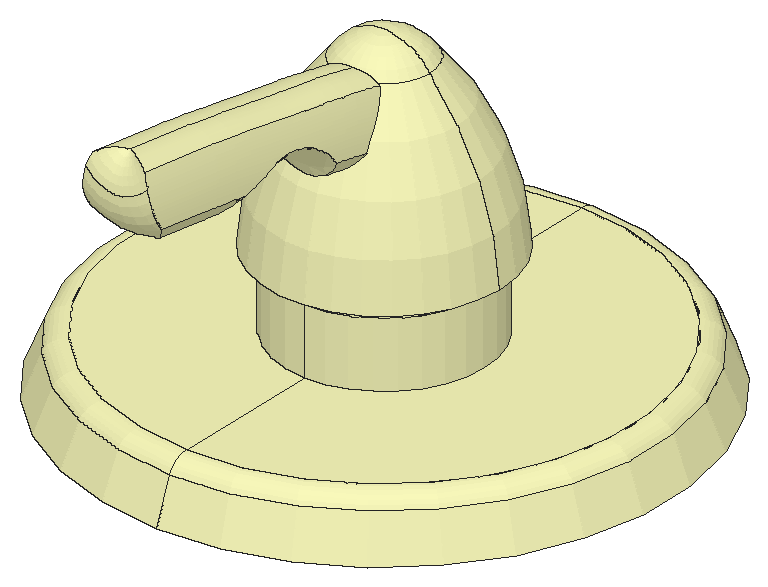
Revit family "9600-PLR-TRM", category Plumbing Fixtures, host Face, Revit 2021
Family settings
  Host = Face
  Round Connector Dimension = Use Diameter
  Part Type = Normal
  OmniClass Number = 23.65.70.11.11
  OmniClass Title = Fixtures for Liquids
  Cut with Voids When Loaded = No
  Shared = No
  Room Calculation Point = No
Parameters (values of type "1.2 GPM Flow Restrictor, Satin Nickel")
  z Wide Lever [instance] = 0
  z Visibility [instance] = yes
  z Valve [instance] = Shower_System_Valve-Symmons-Dia-Shower : Chrome
  z Type Model [instance] = 0
  z Type GPM = 0
  z Type [instance] = 0
  z Showerhead [instance] = Showerhead-Symmons-Dia_Single_Mode : Chrome
  z Reverse Core [instance] = 0
  z Pipe Radius = 0.000"
  z Overall Width = 0.000"
  z Overall Height [instance] = 0.000"
  z Overall Depth [instance] = 0.000"
  z Offset [instance] = 0.000"
  z Integral Service Stops [instance] = 0
  z Has Wide Lever Handle [instance] = yes
  z Has Volume Control [instance] = yes
  z Has Trim = no
  z Has Slip On Tub Spout [instance] = yes
  z Has Showerhead [instance] = yes
  z Has Reverse Core [instance] = yes
  z Has Rebuild Kit Trim Only = no
  z Has Integral Service Stops [instance] = yes
  z Has Check Stops [instance] = yes
  z Has 2.0 GPM Flow Restrictor [instance] = yes
  z Has 1.5 GPM Flow Restrictor [instance] = yes
  z Has .5 Inch Female Connections [instance] = yes
  z GPM Number = 0
  z GPM GPM = 0.000 GPM
  z Flow Rate [instance] = 0
  z Error Box Width [instance] = 0.000"
  z Error Box Height [instance] = 0.000"
  z Error Box Depth [instance] = 0.000"
  z .5 Inch Female Connections [instance] = 0
  z  Showerhead [instance] = 0
  Waste Connection = no
  Vent Connection = no
  URL = ""
  Product Material = Nickel - Symmons - Satin
  Model = ""
  Manufacturer = ""
  HW Connection = no
  Gallons Per Minute = 2.000 GPM
  Description = ""
  Default Elevation = 0.000"
  Date Modified = ""
  Date Created = ""
  CW Connection = no
Types (8): name | Product Material | Gallons Per Minute
  1.2 GPM Flow Restrictor, Chrome | Nickel - Symmons - Satin | 2.000 GPM
  1.2 GPM Flow Restrictor, Satin Nickel | Nickel - Symmons - Satin | 2.000 GPM
  1.5 GPM Flow Restrictor, Satin Nickel | Nickel - Symmons - Satin | 1.500 GPM
  1.75 GPM Flow Restrictor, Satin Nickel | Nickel - Symmons - Satin | 1.750 GPM
  2.0 GPM Flow Restrictor, Satin Nickel | Nickel - Symmons - Satin | 2.000 GPM
  1.5 GPM Flow Restrictor, Chrome | Chrome - Symmons - Polished | 1.500 GPM
  1.75 GPM Flow Restrictor, Chrome | Chrome - Symmons - Polished | 1.750 GPM
  2.0 GPM Flow Restrictor, Chrome | Chrome - Symmons - Polished | 2.000 GPM
Reference planes (in)
  plane 1 "Center (Front/Back)": y = 0
  plane 2 "Center (Elevation)": z = 0
  plane 3 "Center (Left/Right)": x = 0
  plane 4: x = -3.75
  plane 5: y = 28.5
  plane 6: x = 3.75
  plane 7: z = 0
  plane 8: z = 9.325
  plane 9: y = -12
  plane 10: y = 45
  plane 11: z = 0
Dimensions and locks (in)
  equal spacing: plane 4, plane 3 "Center (Left/Right)", plane 6
  plane 4 to plane 6 = 7.500"
  plane 5 to plane 1 "Center (Front/Back)" = 28.500"
  plane 7 to plane 2 "Center (Elevation)" = 0.000"
  plane 8 to plane 7 = 9.325"
  locked: plane 1 "Center (Front/Back)" to plane 9 at 12
  locked: plane 10 to plane 1 "Center (Front/Back)" at 45
  plane 11 to plane 7 = 0.000"
  plane 10 to plane 9 = 57.000"
  aligned and locked: plane 2 "Center (Elevation)" to host face
  aligned and locked: level to host face
Automatic sketch dimensions
  host sketch curve to host sketch curve = 7.44425"
  host sketch curve to host sketch curve = 7.7182"
Nested families (in)
  nested 1: "M Valve&diverter" at (-0.00649, 3.69117, 0), type "Satin Nickel"
    with zz Length 9 4.000", zz Length 10 0.100", Part Number "3500-CYL-B", Part Description "Shower Valve System with Symmons Temptrol mixing valve,Chrome", Equipment Number ""
Definition of nested family "M Valve&diverter"
  Parameters (values of type "Chrome")
    zz Text 2 = "None Selected"
    zz Text 1 = "None Selected"
    zz Length 9 [instance] = 4.000"  # constant formula
    zz Length 10 [instance] = 0.100"
    URL = "http://www.symmons.com/"
    Product Page URL = "http://www.symmons.com/Bathroom-Products/Dia/Symmons-Dia-Shower-Valve-3500-CYL-B.aspx"
    Product Material = none
    Product Documentation Link = "http://www.symmons.com/~/media/Files/Symmons/Products/Dia/3500CYL_Dia_sub.pdf"
    Part Number [instance] = Model  # "3500-CYL-B"
    Part Description [instance] = Description  # "Shower Valve System with Symmons Temptrol mixing valve,Chrome"
    Model Disclaimer = "Contact Symmons Industries, Inc. For More Information"  # constant formula
    Model = "3500-CYL-B"
    Manufacturer = "Symmons Industries, Inc."  # constant formula
    Family Version = "1.0"  # constant formula
    Equipment Number [instance] = ""
    Equipment Abbreviation = "SVS"
    Description = "Shower Valve System with Symmons Temptrol mixing valve,Chrome"
    Default Elevation = 0.000"  # constant formula
    Date Modified = "January 30, 2015"  # constant formula
    Date Created = "January 30, 2015"  # constant formula
    Copyright = "©2015 Symmons Industries, Inc."  # constant formula
  Types (2): name
    Chrome
    Satin Nickel
  Reference planes (in)
    plane 1 "Center (Front/Back)": y = 0
    plane 2 "Center (Elevation)": z = 0
    plane 3 "Center (Left/Right)": x = 0
    plane 4: x = -16
    plane 5: y = 3.75
    plane 6: y = -3.75
    plane 7: x = 16
    plane 8: z = 0
    plane 9: x = 3.25
    plane 10: x = -3.25
    plane 11: y = -5.75
  Forms (in)
    Extrusion 1, solid, material <- "Product Material"
      sketch origin (0, 0, 0) x (1, 0, 0) y (0, 1, 0)
        loop
          line (-3.25, 3.75) -> (-3.25, -3.75) -> (3.25, -3.75) -> (3.25, 3.75) -> (-3.25, 3.75)
      from 0 to -0.49403
  Dimensions and locks (in)
    equal spacing: plane 4, plane 3 "Center (Left/Right)", plane 7, locked at 16 each
    plane 4 to plane 7 = 32.000"
    equal spacing: plane 5, plane 1 "Center (Front/Back)", plane 6
    locked: plane 5 to plane 6 at 7.5
    equal spacing: plane 10, plane 3 "Center (Left/Right)", plane 9
    locked: plane 10 to plane 9 at 6.5
    locked: plane 6 to plane 11 at 2
    aligned and locked: plane 2 "Center (Elevation)" to Extrusion 1
    aligned and locked: level to Extrusion 1
  Automatic sketch dimensions
    Extrusion 1 sketch curve to Extrusion 1 sketch curve = 6.500"
    Extrusion 1 sketch curve to Extrusion 1 sketch curve = 7.500"
  Nested families (in)
    nested 1: "diverter" at (0, 0, 0), type "Chrome"
      with zz Length 9 0.000", zz Length 10 0.100", Part Number "3500-CYL-B", Part Description "Shower Valve System with Symmons Temptrol mixing valve,Chrome", Equipment Number ""
  Definition of nested family "diverter"
    Parameters (values of type "Satin Nickel")
      zz Text 2 = "None Selected"
      zz Text 1 = "None Selected"
      zz Length 9 [instance] = 0.000"  # constant formula
      zz Length 10 [instance] = 0.000"
      Waste Connection = no
      Vent Connection = no
      URL = ""
      Product Page URL = ""
      Product Material = none
      Product Documentation Link = ""
      Part Number [instance] = ""
      Part Description [instance] = ""
      Model Disclaimer = ""
      Model = ""
      Manufacturer = ""
      HW Connection = no
      Family Version = ""
      Equipment Number [instance] = ""
      Equipment Abbreviation = ""
      Description = ""
      Default Elevation = 0.000"  # constant formula
      Date Modified = ""
      Date Created = ""
      Copyright = ""
      CW Connection = no
    Types (2): name
      Polished Chrome
      Satin Nickel
    Reference planes (in)
      plane 1 "Center (Front/Back)": y = 0
      plane 2 "Center (Elevation)": z = 0
      plane 3 "Center (Left/Right)": x = 0
    Forms (in)
      Extrusion 1, solid, material <- "Product Material", not visible
        sketch origin (0, 0, 0) x (1, 0, 0) y (0, 1, 0)
          loop
            line (-3.25, 3.75) -> (-3.25, -3.75) -> (3.25, -3.75) -> (3.25, 3.75) -> (-3.25, 3.75)
        from 0 to -0.49403
      Revolve 2, solid, material <- "Product Material"
        sketch origin (0, 0, 0) x (1, 0, 0) y (0, 0, 1)
          loop
            line (0, 1.32575) -> (0, 3.29294)
            arc (0, 3.29294) -> (-0.26223, 3.22792) -> (-0.46371, 3.04793) r 0.56132
            arc (-0.46371, 3.04793) -> (-0.97637, 2.2511) -> (-1.18004, 1.32575) r 2.68262
            line (-1.18004, 1.32575) -> (0, 1.32575)
          axis (0, 1.32575) -> (0, 3.29294)
        angle from 0 to 360
      Sweep 3, solid, material <- "Product Material"
        path origin (0, 0, 0) x (0, 1, 0) y (0, 0, 1)
          loop
            spline (-3.46104, 3.64859) -> (-2.7314, 3.54557) -> (-2.31762, 3.48227) -> (-2.05814, 3.43692) -> (-1.8128, 3.39104) -> (-1.56301, 3.34459) -> (-1.33191, 3.3037) -> (-1.12101, 3.26778) -> (-0.91375, 3.23067) -> (-0.69389, 3.18625) -> (-0.44827, 3.12911) -> (-0.15184, 3.03897) -> (0.27347, 2.83202)
        profile origin (0, -1.33191, 3.3037) x (0, 0.168931, 0.985628) y (1, 0, 0)
          loop
            arc (-0.82742, 0) -> (-0.75571, -0.21852) -> (-0.58525, -0.37291) r 0.44918
            arc (-0.58525, -0.37291) -> (-0.32566, -0.3437) -> (-0.07626, -0.26597) r 1.3764
            arc (-0.07626, -0.26597) -> (-0.01085, -0.14081) -> (0, 0) r 0.35132
            arc (0, 0) -> (-0.01085, 0.14081) -> (-0.07626, 0.26597) r 0.35132
            arc (-0.07626, 0.26597) -> (-0.32566, 0.3437) -> (-0.58525, 0.37291) r 1.3764
            arc (-0.58525, 0.37291) -> (-0.75571, 0.21852) -> (-0.82742, 0) r 0.44918
      Revolve 4, void
        sketch origin (0, 0, 0) x (0, 1, 0) y (0, 0, 1)
          loop
            arc (-0.95581, 2.28645) -> (-0.96929, 2.34342) -> (-0.98932, 2.39844) r 0.50162
            arc (-0.98932, 2.39844) -> (-1.40662, 2.81321) -> (-1.99486, 2.82526) r 0.79126
            line (-1.99486, 2.82526) -> (-2.55581, 2.71622)
            arc (-2.55581, 2.71622) -> (-2.71348, 2.71297) -> (-2.87024, 2.7302) r 1.21378
            arc (-2.87024, 2.7302) -> (-3.02083, 2.76634) -> (-3.16589, 2.82059) r 1.2673
            arc (-3.16589, 2.82059) -> (-3.37699, 3.01068) -> (-3.43607, 3.28854) r 0.45972
            arc (-3.43607, 3.28854) -> (-3.35265, 3.50817) -> (-3.1716, 3.6579) r 0.45972
            line (-3.1716, 3.6579) -> (-3.86299, 3.76709) -> (-4.02039, 2.77044) -> (-0.95581, 2.28645)
          axis (-0.79841, 3.2831) -> (-3.86299, 3.76709)
        angle from -75.816 to 75.039
      Revolve 5, solid, material <- "Product Material"
        sketch origin (0, 0, 0) x (0, 1, 0) y (0, 0, 1)
          loop
            line (0, 2.22775) -> (-0.16651, 2.22775) -> (-0.20247, 2.19179) -> (-0.20247, 1.69179) -> (-0.2295, 1.66476) -> (-0.2295, 1.57075) -> (-0.33051, 1.57075) -> (-0.33051, 1.45083) -> (-0.37303, 1.40831) -> (-0.37303, 1.37325) -> (-0.40664, 1.37325) -> (-0.48106, 1.29883) -> (-0.50016, 1.26575) -> (-0.96713, 1.26575)
            arc (-0.96713, 1.26575) -> (-1.00171, 1.25143) -> (-1.01603, 1.21685) r 0.0489
            line (-1.01603, 1.21685) -> (-1.01603, 0.54853) -> (-2.52384, 0.54853)
            arc (-2.52384, 0.54853) -> (-2.64884, 0.51387) -> (-2.73813, 0.41977) r 0.2427
            line (-2.73813, 0.41977) -> (-2.90773, 0) -> (-2.75674, 0) -> (-2.59168, 0.40853) -> (0, 0.40853) -> (0, 2.22775)
          axis (0, 2.22775) -> (0, 0)
        angle from 0 to 360
    Cuts and joins
      Revolve 4 cuts Sweep 3
    Dimensions and locks (in)
      aligned and locked: plane 2 "Center (Elevation)" to Extrusion 1
      aligned and locked: level to Extrusion 1
